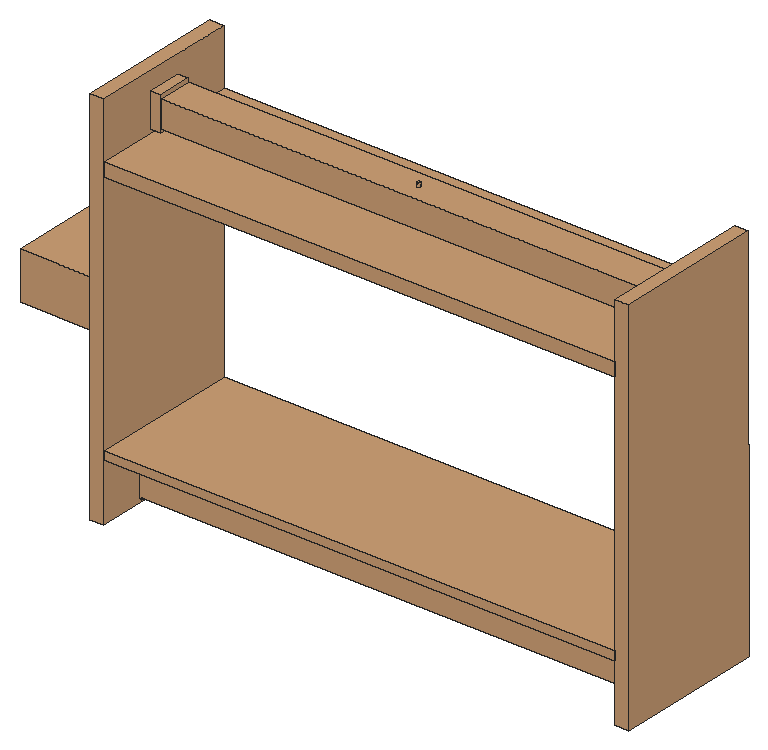
Revit family
Parameters
  Center of Unit = 0' - 0"  # constant formula
  Total Heating Capacity [instance] = 0.0 Btu/h
  Series = "VIFB"
  Outlet Area = 18.80 SF
  Lower Frame Thickness = if(Headers Height = 0' 3", 0' 1 1/4", if(Headers Height = 0' 3 1/4", 0' 1 1/4", 0' 0"))  # 0' - 1 1/4"
  Water Pressure Drop [instance] = 0.00 psi
  Water Flow [instance] = 0 GPM
  Unit Weight (lbs) = 800
  URL = "http://www.ljwing.com/"
  Water Outlet Radius = 0' - 1 1/2"
  Headers Height = if(M = 0' 1", 0' 3", if(M = 0' 1 1/2", 0' 3 1/4", 0' 0"))  # 0' - 3"
  Number of Rows = 2  # constant formula
  Number of Coils [instance] = 0
  Nominal Length = 6' - 7 1/16"
  N = 1' - 0 3/4"
  Model = "VB-7W"
  Manufacturer = "LJ Wing"
  M = 0' - 1"
  Leaving Water Temperature [instance] = 0 °F
  Leaving Air Temperature [instance] = 0 °F
  Entering Water Temperature [instance] = 0 °F
  Entering Air Temperature [instance] = 0 °F
  Description = "Vertical Integral Face & Bypass Water Heating Coils"
  Hot Water Inlet  Radius = 0' - 1 1/2"
  Coil Face Area = Outlet Area * 0.56  # 10.528 SF
  Casing Material = ""
  Assembly Code = "D3020300"
  Air Vent Radius = 0' - 0 1/4"
  Air Pressure Drop [instance] = 0.00 in-wg
  Air Inlet Width = Nominal Length - 0' 4"  # 6' - 3 1/16"
  Air Inlet Height = Y  # 3' - 0"
  Air Flow [instance] = 0 CFM
  Y = 3' - 0"
  S = 0' - 9 3/4"  # constant formula
  Product URL = "http://www.ljwing.com/html/vifb.asp"
  OmniClass = "23-75 70 21 14 "
  Nominal Height = 4' - 8"
  Nominal Depth = 1' - 10"
  R = 0' - 10 1/4"  # constant formula
  Q = 0' - 3 17/32"
Reference planes (in)
  plane 1 "Center (Front/Back)": y = 0
  plane 2: z = -18
  plane 3 "Center (Left/Right)": x = 0
  plane 4: z = 28.25
  plane 5: x = -39.53125
  plane 6: x = 39.53125
  plane 7: z = -27.75
  plane 8: z = 0
  plane 9: y = -11
  plane 10: y = 11
  plane 11: z = 18
  plane 12: z = 20
  plane 13: z = -19.25
  plane 14: x = 37.53125
  plane 15: x = -37.53125
  plane 16: x = -36
  plane 17: x = 36
  plane 18: y = 14.0625
  plane 19: x = -50.53125
  plane 20: z = 25.125
  plane 21: z = 21.125
  plane 22: y = -2.5
  plane 23: y = 2.5
  plane 24: y = -4.5
  plane 25: z = -25.375
  plane 26: x = -26.78125
  plane 27: x = 26.78125
  plane 28: z = -21.375
Forms (in)
  Extrusion 1, solid, material "Painted Finish"
    sketch origin (0, 6, -9.75) x (1, 0, 0) y (0, 0, 1)
      loop
        line (-39.53125, -18) -> (-37.53125, -18) -> (-37.53125, 38) -> (-39.53125, 38) -> (-39.53125, -18)
      loop
        line (39.53125, -18) -> (39.53125, 38) -> (37.53125, 38) -> (37.53125, -18) -> (39.53125, -18)
    from -5 to 17
  Extrusion 2, solid, material "Painted Finish"
    sketch origin (0, 6, 0) x (1, 0, 0) y (0, 0, 1)
      loop
        line (37.53125, -18) -> (-37.53125, -18) -> (-37.53125, -19.25) -> (37.53125, -19.25) -> (37.53125, -18)
      loop
        line (37.53125, 18) -> (37.53125, 20) -> (-37.53125, 20) -> (-37.53125, 18) -> (37.53125, 18)
    from -5 to 17
  Extrusion 3, solid, material "Painted Finish"
    sketch origin (0, 10, -0.5) x (1, 0, 0) y (0, 0, 1)
      loop
        line (-39.53125, 4) -> (-50.53125, 4) -> (-50.53125, -3) -> (-39.53125, -3) -> (-39.53125, 4)
    from 0 to 20
  Extrusion 4, solid, material "Painted Finish"
    sketch origin (0, 6, 0) x (1, 0, 0) y (0, 0, 1)
      loop
        line (-35.90625, 25.125) -> (-35.90625, 21.125) -> (35.90625, 21.125) -> (35.90625, 25.125) -> (-35.90625, 25.125)
    from 3.5 to 8.5
  Extrusion 5, solid, material "Painted Finish"
    sketch origin (0, 0, 0) x (1, 0, 0) y (0, 0, 1)
      loop
        line (-35.90625, 20.625) -> (-35.90625, 25.625) -> (-37.53125, 25.625) -> (-37.53125, 20.625) -> (-35.90625, 20.625)
      loop
        line (37.53125, 20.625) -> (37.53125, 25.625) -> (35.90625, 25.625) -> (35.90625, 20.625) -> (37.53125, 20.625)
    from -2.5 to 2.5
  Extrusion 6, solid, material "Painted Finish"
    sketch origin (0, 6, 0) x (1, 0, 0) y (0, 0, 1)
      loop
        line (-37.03125, -19.875) -> (-37.03125, -19.625) -> (-37.53125, -19.625) -> (-37.53125, -23.125) -> (-37.03125, -23.125) -> (-37.03125, -22.875) -> (37.03125, -22.875) -> (37.03125, -23.125) -> (37.53125, -23.125) -> (37.53125, -19.625) -> (37.03125, -19.625) -> (37.03125, -19.875) -> (-37.03125, -19.875)
      loop
        line (37.03125, -26.875) -> (37.03125, -27.125) -> (37.53125, -27.125) -> (37.53125, -23.625) -> (37.03125, -23.625) -> (37.03125, -23.875) -> (-37.03125, -23.875) -> (-37.03125, -23.625) -> (-37.53125, -23.625) -> (-37.53125, -27.125) -> (-37.03125, -27.125) -> (-37.03125, -26.875) -> (37.03125, -26.875)
    from -5 to 10.5
  Extrusion 7, void
    sketch origin (0, 0, 0) x (1, 0, 0) y (0, 0, 1)
      loop
        line (-37.53125, 18) -> (-37.53125, -18) -> (37.53125, -18) -> (37.53125, 18) -> (-37.53125, 18)
    from -11 to 11
  Extrusion 8, solid, material "Painted Finish"
    sketch origin (0, 0, 0) x (1, 0, 0) y (0, 0, 1)
      loop
        circle (26.78125, -25.375) r 1
      loop
        circle (-26.78125, -21.375) r 1
    from -14.0625 to -11
  Extrusion 9, solid, material "Painted Finish"
    sketch origin (0, 0, 0) x (1, 0, 0) y (0, 1, 0)
      loop
        circle (0, 0) r 0.25
    from 25.125 to 25.625
Cuts and joins
  Extrusion 7 cuts Extrusion 1
  Extrusion 7 cuts Extrusion 2
Dimensions and locks (in)
  "Nominal Length": plane 6 to plane 5
  equal spacing: plane 6, plane 3 "Center (Left/Right)", plane 5
  "S": plane 2 to plane 7
  "Nominal Depth": plane 10 to plane 9
  equal spacing: plane 10, plane 1 "Center (Front/Back)", plane 9
  "Y": plane 11 to plane 2
  "R": plane 4 to plane 11
  locked: plane 12 to plane 11 at 2
  "Lower Frame Thickness": plane 2 to plane 13
  "Q": plane 16 to plane 5
  "Q": plane 6 to plane 17
  locked: plane 18 to plane 10 at 3.0625
  locked: plane 5 to plane 19 at 11
  locked: Extrusion 3 sketch curve to Extrusion 3 sketch curve at 7
  locked: Extrusion 3 to Extrusion 3 at 20
  locked: plane 6 to plane 14 at 2
  locked: plane 15 to plane 5 at 2
  locked: Extrusion 5 sketch curve to plane 20 at 0.5
  locked: plane 21 to Extrusion 5 sketch curve at 0.5
  locked: plane 20 to plane 21 at 4
  locked: plane 23 to plane 22 at 5
  equal spacing: plane 23, plane 1 "Center (Front/Back)", plane 22
  locked: plane 22 to plane 24 at 2
  plane 4 to plane 7 = 4' - 8"
  locked: Extrusion 5 sketch curve to Extrusion 1 at 1.625
  locked: Extrusion 5 sketch curve to Extrusion 5 sketch curve at 1.625
  locked: Extrusion 7 sketch curve to plane 11 at 0
  locked: Extrusion 7 sketch curve to plane 15 at 0
  locked: Extrusion 7 sketch curve to plane 14 at 0
  locked: plane 15 to Extrusion 6 sketch curve at 0.5
  locked: Extrusion 6 sketch curve to Extrusion 6 sketch curve at 0.25  (x2)
  locked: plane 25 to plane 7 at 2.375
  "N": plane 26 to plane 5
  "N": plane 6 to plane 27
  locked: plane 28 to plane 7 at 6.375
  "Headers Height": Extrusion 6 sketch curve to Extrusion 6 sketch curve  (x2)
  locked: Extrusion 8 sketch curve to plane 25 at 0
  locked: Extrusion 8 sketch curve to plane 28 at 0
  locked: Extrusion 9 sketch curve to plane 1 "Center (Front/Back)" at 0
  locked: Extrusion 9 sketch curve to plane 3 "Center (Left/Right)" at 0
  equal spacing: Extrusion 6 sketch curve, plane 28, Extrusion 6 sketch curve
  equal spacing: Extrusion 6 sketch curve, plane 25, Extrusion 6 sketch curve
  locked: plane 4 to plane 20 at 3.125
  locked: Extrusion 7 sketch curve to plane 2 at 0
  equal spacing: plane 11, plane 8, plane 2
  locked: Extrusion 8 sketch curve to plane 27 at 0
  locked: Extrusion 8 sketch curve to plane 26 at 0
  "M": radius of Extrusion 8 sketch curve  (x2)
  "Air Vent Radius": radius of Extrusion 9 sketch curve
  aligned and locked: Extrusion 1 to plane 9
  aligned and locked: Extrusion 1 to plane 10
  aligned and locked: plane 15 to Extrusion 1
  aligned and locked: Extrusion 1 to plane 14
  aligned and locked: plane 9 to Extrusion 2
  aligned and locked: plane 9 to Extrusion 1
  aligned and locked: plane 10 to Extrusion 1  (x2)
  aligned and locked: Extrusion 2 to plane 10
  aligned and locked: plane 10 to Extrusion 2  (x2)
  aligned and locked: Extrusion 2 to plane 9  (x2)
  aligned and locked: plane 5 to Extrusion 3
  aligned and locked: Extrusion 5 sketch curve to plane 15
  aligned and locked: Extrusion 5 sketch curve to Extrusion 4
  aligned and locked: Extrusion 1 to Extrusion 6
  aligned and locked: plane 22 to Extrusion 5
  aligned and locked: Extrusion 5 to Extrusion 4  (x2)
  aligned and locked: Extrusion 5 to plane 23
  aligned and locked: Extrusion 6 to plane 24
  aligned and locked: Extrusion 4 to Extrusion 5  (x2)
  aligned and locked: Extrusion 5 to Extrusion 1  (x2)
  aligned and locked: Extrusion 1 to Extrusion 7  (x2)
  aligned and locked: Extrusion 8 to plane 18
  aligned and locked: Extrusion 8 to plane 10
  aligned and locked: plane 20 to Extrusion 9
  aligned and locked: Extrusion 9 to Extrusion 5
  aligned and locked: plane 2 to cut or joined group of Extrusion 2, Extrusion 7
  aligned and locked: plane 6 to Extrusion 1 sketch curve
  aligned and locked: plane 14 to Extrusion 1 sketch curve
  aligned and locked: Extrusion 1 sketch curve to plane 15
  aligned and locked: Extrusion 1 sketch curve to plane 5
  aligned and locked: Extrusion 1 sketch curve to plane 4  (x2)
  aligned and locked: plane 7 to Extrusion 1 sketch curve  (x2)
  aligned and locked: Extrusion 2 sketch curve to plane 11
  aligned and locked: Extrusion 2 sketch curve to plane 12
  aligned and locked: plane 2 to Extrusion 2 sketch curve
  aligned and locked: Extrusion 2 sketch curve to plane 13
  aligned and locked: Extrusion 2 sketch curve to plane 14  (x2)
  aligned and locked: Extrusion 2 sketch curve to plane 15  (x2)
  aligned and locked: plane 20 to Extrusion 4 sketch curve
  aligned and locked: Extrusion 4 sketch curve to plane 21
  aligned and locked: Extrusion 6 sketch curve to plane 14  (x2)
  aligned and locked: plane 15 to Extrusion 6 sketch curve  (x2)
Automatic sketch dimensions
  Extrusion 3 sketch curve to plane 19 = 0' - 0"
  Extrusion 3 sketch curve to plane 5 = 0' - 0"
  plane 8 to Extrusion 3 sketch curve = 0' - 3 1/2"
  plane 16 to Extrusion 4 sketch curve = 0' - 0 3/32"
  Extrusion 4 sketch curve to plane 17 = 0' - 0 3/32"
  plane 21 to Extrusion 5 sketch curve = 0' - 0 1/2"
  Extrusion 5 sketch curve to plane 20 = 0' - 0 1/2"
  plane 15 to Extrusion 6 sketch curve = 0' - 0 1/2"  (x2)
  Extrusion 6 sketch curve to Extrusion 6 sketch curve = 0' - 0 1/4"  (x5)
  Extrusion 6 sketch curve to Extrusion 6 sketch curve = 0' - 0"  (x2)
  Extrusion 6 sketch curve to plane 14 = 0' - 0 1/2"  (x2)
  Extrusion 6 sketch curve to Extrusion 6 sketch curve = 0' - 0 1/2"
  Extrusion 6 sketch curve to plane 7 = 0' - 0 5/8"
Connectors (in)
  hvac at (0, -11, 0), driven by "Air Inlet Height", driven by "Air Inlet Width", driven by "Air Flow", driven by "Air Pressure Drop"
    settings: on Extrusion 7, index 1
  hvac at (0, 11, 0), driven by "Air Pressure Drop", driven by "Air Inlet Height", driven by "Air Inlet Width", driven by "Air Flow"
    settings: on Extrusion 7, index 2
  piping at (-26.78125, 14.0625, -21.375), driven by "M", driven by "Water Flow", driven by "Water Pressure Drop"
    settings: on Extrusion 8, index 4
  piping at (26.78125, 14.0625, -25.375), driven by "Water Pressure Drop", driven by "Water Flow", driven by "M"
    settings: on Extrusion 8, index 5
